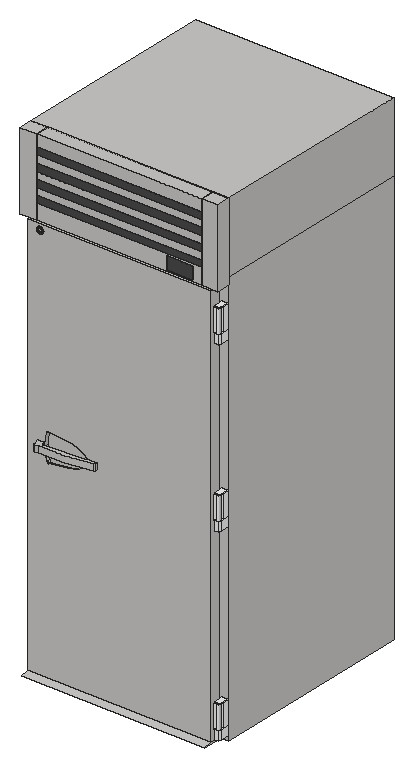
Revit family "QF_Turbo Air_PRO-26F-RI", category Specialty Equipment, Revit 2014
Parameters
  Width = 2' - 10 1/8"  # constant formula
  Weight in Pounds = 385
  Watermarked By = ""
  Volts = 115 V
  URL Cutsheet = ""
  URL = "www.turboairinc.com"
  Status [instance] = ""
  Specification by User [instance] = ""
  Specification by Manufacturer [instance] = ""
  Serial Number [instance] = ""
  Revision Code [instance] = ""
  Phase = 1
  Number of Poles [instance] = 1
  NAFEM Spec ID Number [instance] = ""
  Model = "PRO-26F-RI"
  Masterspec [instance] = ""
  Manufacturer = "Turbo Air"  # constant formula
  Description = "Freezer, Roll In"
  Assembly Code = "E1090320"
  Item Number [instance] = "-"
  Installed By [instance] = ""
  HP = "1"
  Furnished By [instance] = ""
  Foodservice Equipment Identifier = yes
  FL Amps = 8 A
  Electrical Remarks [instance] = ""
  Electric Connection Type = ""
  Elec Conn RI Height [instance] = 0' - 0"
  Elec Conn Connection Height = 6' - 4 7/8"
  Cycle = 60 Hz
  Conn Plug = "NEMA 5-15P"
  CSI MasterFormat = "11 41 13"
  Apparent Power = if(Phase = 3, Volts * FL Amps * 1.73, Volts * FL Amps)  # 920 VA
Reference planes (in)
  plane 1 "BACK": y = 0
  plane 2: z = 0
  plane 3 "LEFT": x = -16.56573
  plane 4 "RIGHT": x = 17.55927
  plane 5 "FRONT": y = -37.875
  plane 6 "Box Front": y = -35.5
  plane 7 "TOP": z = 83.875
  plane 8 "Door Bottom": z = 0.375
  plane 9 "Door Top": z = 70.125
  plane 10 "Inside Left": x = -14.56573
  plane 11 "Inside Right": x = 15.55927
  plane 12 "Inside Back": y = -2
  plane 13 "Inside Front": y = -33.5
  plane 14 "Inside Top": z = 71.75
  plane 15 "Center LR": x = 0.49677
  plane 16 "Cowl Bottom": z = 70.5
  plane 17 "Door Left Hinge": x = -15.31573
  plane 18 "Door Right Hinge": x = 16.30927
Forms (in)
  Extrusion 1, solid, material "QF_Stainless-Polished"
    sketch origin (0, 0, 0) x (1, 0, 0) y (0, 1, 0)
      loop
        line (-16.56573, -35.5) -> (-13.81573, -35.5) -> (-13.81573, -33.5) -> (-14.56573, -33.5) -> (-14.56573, -2) -> (15.55927, -2) -> (15.55927, -33.5) -> (14.80927, -33.5) -> (14.80927, -35.5) -> (17.55927, -35.5) -> (17.55927, 0) -> (-16.56573, 0) -> (-16.56573, -35.5)
    from 0 to 71.75
  Extrusion 2, solid, material "QF_Stainless-Polished"
    sketch origin (-14.56573, 0, 0) x (0, 1, 0) y (0, 0, 1)
      loop
        line (-33.5, 1) -> (-33.5, 0) -> (-2, 0) -> (-2, 1) -> (-33.5, 1)
      loop
        line (-33.5, 71.75) -> (-33.5, 70.375) -> (-2, 70.375) -> (-2, 71.75) -> (-33.5, 71.75)
    from 0 to 30.125
  Extrusion 3, solid, material "QF_Stainless-Polished"
    sketch origin (-14.56573, 0, 0) x (0, 1, 0) y (0, 0, 1)
      loop
        line (-33.5, 0) -> (-33.5, 2) -> (-35.5, 2) -> (-35.5, 0) -> (-33.5, 0)
      loop
        line (-35.5, 71.75) -> (-35.5, 68) -> (-33.5, 68) -> (-33.5, 71.75) -> (-35.5, 71.75)
    from 0.75 to 29.375
  Extrusion 4, solid, material "QF_Stainless-Polished"
    sketch origin (0, 0, 83.875) x (0, 1, 0) y (-1, 0, 0)
      loop
        line (0, 16.56573) -> (-35.5, 16.56573) -> (-35.5, -17.55927) -> (0, -17.55927) -> (0, 16.56573)
    from 0 to -12.125
  Extrusion 5, solid, material "QF_Stainless-Polished"
    sketch origin (-14.56573, 0, 0) x (0, 1, 0) y (0, 0, 1)
      loop
        line (-2, 70.375) -> (-27.25, 70.375) -> (-25, 69.125) -> (-13.25, 69.125) -> (-3.25, 66.625) -> (-2, 66.625) -> (-2, 70.375)
    from 0 to 30.125
  Extrusion 6, solid, material "QF_Stainless-Polished"
    sketch origin (0.49677, 0, 0) x (0, 1, 0) y (0, 0, 1)
      loop
        line (-3.25, 66.625) -> (-3.25, 29.875) -> (-2, 29.875) -> (-2, 66.625) -> (-3.25, 66.625)
    from 0.25 to -0.25
  Extrusion 7, solid, material "QF_Plastic-Black-Fine Textured"
    sketch origin (0, -35.5, 0) x (1, 0, 0) y (0, 0, 1)
      loop
        line (-14.31573, 68.75) -> (-14.31573, 1.75) -> (15.30927, 1.75) -> (15.30927, 68.75) -> (-14.31573, 68.75)
      loop
        line (-14.56573, 1.5) -> (15.55927, 1.5) -> (15.55927, 69) -> (-14.56573, 69) -> (-14.56573, 1.5)
    from 0 to 0.625
  Extrusion 8, solid, material "QF_Stainless-Polished"
    sketch origin (0, -35.5, 0) x (1, 0, 0) y (0, 0, 1)
      loop
        line (-16.56573, 83.875) -> (-16.56573, 70.5) -> (-13.75323, 70.5) -> (-13.75323, 83.875) -> (-16.56573, 83.875)
      loop
        line (17.55927, 83.875) -> (14.74677, 83.875) -> (14.74677, 70.5) -> (17.55927, 70.5) -> (17.55927, 83.875)
    from 0 to 2.375
  Extrusion 9, solid, material "QF_Stainless-Polished"
    sketch origin (0, -35.5, 0) x (1, 0, 0) y (0, 0, 1)
      loop
        line (-13.75323, 83.875) -> (-13.75323, 81.875) -> (14.74677, 81.875) -> (14.74677, 83.875) -> (-13.75323, 83.875)
      loop
        line (-13.75323, 70.5) -> (14.74677, 70.5) -> (14.74677, 73.25) -> (-13.75323, 73.25) -> (-13.75323, 70.5)
      loop
        arc (13.24677, 72.75) -> (13.19186, 72.88258) -> (13.05927, 72.9375) r 0.1875
        line (13.05927, 72.9375) -> (8.93427, 72.9375)
        arc (8.93427, 72.9375) -> (8.80169, 72.88258) -> (8.74677, 72.75) r 0.1875
        line (8.74677, 72.75) -> (8.74677, 70.9375)
        arc (8.74677, 70.9375) -> (8.80169, 70.80492) -> (8.93427, 70.75) r 0.1875
        line (8.93427, 70.75) -> (13.05927, 70.75)
        arc (13.05927, 70.75) -> (13.19186, 70.80492) -> (13.24677, 70.9375) r 0.1875
        line (13.24677, 70.9375) -> (13.24677, 72.75)
    from 0 to 2.375
  Extrusion 10, solid, material "QF_Stainless-Polished"
    sketch origin (0, -35.5, 0) x (1, 0, 0) y (0, 0, 1)
      loop
        line (-13.75323, 80.5625) -> (-13.75323, 79.4375) -> (14.74677, 79.4375) -> (14.74677, 80.5625) -> (-13.75323, 80.5625)
      loop
        line (14.74677, 78.0625) -> (-13.75323, 78.0625) -> (-13.75323, 76.9375) -> (14.74677, 76.9375) -> (14.74677, 78.0625)
      loop
        line (14.74677, 75.5625) -> (-13.75323, 75.5625) -> (-13.75323, 74.4375) -> (14.74677, 74.4375) -> (14.74677, 75.5625)
    from 0 to 2.375
  Extrusion 11, solid, material "QF_Plastic-Black-Fine Textured"
    sketch origin (0, -35.5, 0) x (1, 0, 0) y (0, 0, 1)
      loop
        line (-13.75323, 81.875) -> (-13.75323, 80.5625) -> (14.74677, 80.5625) -> (14.74677, 81.875) -> (-13.75323, 81.875)
      loop
        line (-13.75323, 79.4375) -> (-13.75323, 78.0625) -> (14.74677, 78.0625) -> (14.74677, 79.4375) -> (-13.75323, 79.4375)
      loop
        line (-13.75323, 76.9375) -> (-13.75323, 75.5625) -> (14.74677, 75.5625) -> (14.74677, 76.9375) -> (-13.75323, 76.9375)
      loop
        line (-13.75323, 74.4375) -> (-13.75323, 73.25) -> (14.74677, 73.25) -> (14.74677, 74.4375) -> (-13.75323, 74.4375)
    from 0 to 2.375
  Extrusion 12, solid, material "QF_Plastic-Black-Fine Textured"
    sketch origin (0, -35.5, 0) x (1, 0, 0) y (0, 0, 1)
      loop
        arc (8.93427, 72.9375) -> (8.80169, 72.88258) -> (8.74677, 72.75) r 0.1875
        line (8.74677, 72.75) -> (8.74677, 70.9375)
        arc (8.74677, 70.9375) -> (8.80169, 70.80492) -> (8.93427, 70.75) r 0.1875
        line (8.93427, 70.75) -> (13.05927, 70.75)
        arc (13.05927, 70.75) -> (13.19186, 70.80492) -> (13.24677, 70.9375) r 0.1875
        line (13.24677, 70.9375) -> (13.24677, 72.75)
        arc (13.24677, 72.75) -> (13.19186, 72.88258) -> (13.05927, 72.9375) r 0.1875
        line (13.05927, 72.9375) -> (8.93427, 72.9375)
    from 0 to 2.375
  Extrusion 13, solid, material "QF_Clearance", detail levels coarse+medium
    sketch origin (0, 0, 0.375) x (0, 1, 0) y (-1, 0, 0)
      loop
        arc (-37.875, 16.56573) -> (-62.00502, 6.57074) -> (-72, -17.55927) r 34.125
        line (-72, -17.55927) -> (-37.875, -17.55927) -> (-37.875, 16.56573)
    from 0 to 69.75
  Extrusion 14, solid, material "QF_Stainless-Polished"
    sketch origin (-15.31573, 0, 0) x (0, 1, 0) y (0, 0, 1)
      loop
        line (-35.5, 0.625) -> (-39.04455, 0) -> (-35.5, 0) -> (-35.5, 0.625)
    from 0 to 31.625
Lines and regions (in)
  symbolic lines
    curve 1: line (-16.56573, 0, 83.875) -> (17.55927, 0, 83.875)
    curve 2: line (-16.56573, -37.875, 83.875) -> (-16.56573, 0, 83.875)
    curve 3: line (17.55927, -37.875, 83.875) -> (-16.56573, -37.875, 83.875)
    curve 4: line (17.55927, 0, 83.875) -> (17.55927, -37.875, 83.875)
    curve 7: line (-15.31573, -37.875, 0.375) -> (-15.31573, -39.04455, 0.375)
    curve 8: line (-15.31573, -39.04455, 0.375) -> (16.30927, -39.04455, 0.375)
    curve 9: line (16.30927, -39.04455, 0.375) -> (16.30927, -37.875, 0.375)
  symbolic lines, style "QF_Clearances_Door_Drawer", detail levels coarse+medium
    curve 5: line (17.55927, -72, 0.375) -> (17.55927, -37.875, 0.375)
    curve 6: arc (-16.56573, -37.875, 0.375) -> (-6.57074, -62.00502, 0.375) -> (17.55927, -72, 0.375) r 34.125
Dimensions and locks (in)
  "Width": plane 4 "RIGHT" to plane 3 "LEFT"
  locked: plane 5 "FRONT" to plane 6 "Box Front" at 2.375
  locked: plane 3 "LEFT" to plane 10 "Inside Left" at 2
  locked: plane 11 "Inside Right" to plane 4 "RIGHT" at 2
  locked: plane 12 "Inside Back" to plane 1 "BACK" at 2
  locked: plane 6 "Box Front" to plane 13 "Inside Front" at 2
  locked: plane 10 "Inside Left" to Extrusion 1 sketch curve at 0.75
  locked: Extrusion 1 sketch curve to plane 11 "Inside Right" at 0.75
  locked: plane 14 "Inside Top" to Extrusion 2 sketch curve at 1.375
  locked: Extrusion 3 sketch curve to plane 14 "Inside Top" at 3.75
  locked: plane 14 "Inside Top" to Extrusion 5 sketch curve at 1.375
  locked: Extrusion 5 sketch curve to Extrusion 5 sketch curve at 1.25
  locked: Extrusion 5 sketch curve to Extrusion 5 sketch curve at 11.75
  locked: Extrusion 5 sketch curve to plane 12 "Inside Back" at 25.25
  locked: Extrusion 5 sketch curve to plane 12 "Inside Back" at 1.25
  locked: Extrusion 5 sketch curve to plane 12 "Inside Back" at 11.25
  locked: Extrusion 5 sketch curve to Extrusion 5 sketch curve at 3.75
  equal spacing: plane 3 "LEFT", plane 15 "Center LR", plane 4 "RIGHT"
  locked: plane 14 "Inside Top" to Extrusion 6 sketch curve at 5.125
  locked: Extrusion 6 sketch curve to Extrusion 6 sketch curve at 36.75
  locked: Extrusion 6 sketch curve to plane 12 "Inside Back" at 1.25
  locked: Extrusion 7 sketch curve to Extrusion 7 sketch curve at 0.25  (x4)
  locked: Extrusion 7 sketch curve to plane 3 "LEFT" at 2
  locked: Extrusion 7 sketch curve to plane 4 "RIGHT" at 2
  locked: plane 9 "Door Top" to Extrusion 7 sketch curve at 1.125
  locked: Extrusion 7 sketch curve to plane 8 "Door Bottom" at 1.125
  locked: plane 16 "Cowl Bottom" to plane 9 "Door Top" at 0.375
  locked: plane 3 "LEFT" to Extrusion 8 sketch curve at 2.8125
  locked: Extrusion 8 sketch curve to plane 4 "RIGHT" at 2.8125
  locked: Extrusion 9 sketch curve to plane 3 "LEFT" at 2.8125  (x2)
  locked: plane 7 "TOP" to Extrusion 9 sketch curve at 2
  locked: Extrusion 9 sketch curve to plane 4 "RIGHT" at 2.8125  (x2)
  locked: Extrusion 9 sketch curve to plane 16 "Cowl Bottom" at 2.75
  locked: Extrusion 9 sketch curve to Extrusion 9 sketch curve at 4.5
  locked: Extrusion 9 sketch curve to plane 4 "RIGHT" at 4.3125
  locked: Extrusion 9 sketch curve to Extrusion 9 sketch curve at 2.1875
  locked: Extrusion 9 sketch curve to Extrusion 9 sketch curve at 0.3125
  locked: Extrusion 10 sketch curve to plane 3 "LEFT" at 2.8125  (x3)
  locked: Extrusion 10 sketch curve to plane 4 "RIGHT" at 2.8125  (x3)
  locked: plane 7 "TOP" to Extrusion 10 sketch curve at 3.3125
  locked: Extrusion 10 sketch curve to Extrusion 10 sketch curve at 1.125  (x3)
  locked: Extrusion 10 sketch curve to Extrusion 10 sketch curve at 1.375  (x2)
  locked: plane 3 "LEFT" to plane 17 "Door Left Hinge" at 1.25
  locked: plane 18 "Door Right Hinge" to plane 4 "RIGHT" at 1.25
  locked: plane 6 "Box Front" to plane 1 "BACK" at 35.5
  plane 8 "Door Bottom" to level = 0' - 0 3/8"
  locked: plane 7 "TOP" to level at 83.875
  locked: plane 14 "Inside Top" to plane 16 "Cowl Bottom" at 1.25
  plane 9 "Door Top" to plane 8 "Door Bottom" = 5' - 9 3/4"
  plane 7 "TOP" to plane 16 "Cowl Bottom" = 1' - 1 3/8"
  aligned and locked: level to plane 2
  aligned and locked: Extrusion 1 sketch curve to plane 3 "LEFT"
  aligned and locked: plane 10 "Inside Left" to Extrusion 1 sketch curve
  aligned and locked: Extrusion 1 sketch curve to plane 11 "Inside Right"
  aligned and locked: plane 4 "RIGHT" to Extrusion 1 sketch curve
  aligned and locked: plane 12 "Inside Back" to Extrusion 1 sketch curve
  aligned and locked: Extrusion 1 sketch curve to plane 1 "BACK"
  aligned and locked: Extrusion 1 sketch curve to plane 13 "Inside Front"  (x2)
  aligned and locked: plane 6 "Box Front" to Extrusion 1 sketch curve  (x2)
  aligned and locked: plane 14 "Inside Top" to Extrusion 1
  aligned and locked: plane 13 "Inside Front" to Extrusion 2 sketch curve
  aligned and locked: plane 12 "Inside Back" to Extrusion 2 sketch curve  (x2)
  aligned and locked: plane 11 "Inside Right" to Extrusion 2
  aligned and locked: plane 6 "Box Front" to Extrusion 3 sketch curve  (x2)
  aligned and locked: Extrusion 3 sketch curve to plane 13 "Inside Front"  (x2)
  aligned and locked: Extrusion 3 to Extrusion 1  (x2)
  aligned and locked: Extrusion 2 sketch curve to plane 14 "Inside Top"
  aligned and locked: Extrusion 2 sketch curve to plane 13 "Inside Front"
  aligned and locked: plane 14 "Inside Top" to Extrusion 3 sketch curve
  aligned and locked: plane 1 "BACK" to Extrusion 4 sketch curve
  aligned and locked: plane 3 "LEFT" to Extrusion 4 sketch curve
  aligned and locked: Extrusion 4 sketch curve to plane 6 "Box Front"
  aligned and locked: Extrusion 4 sketch curve to plane 4 "RIGHT"
  aligned and locked: Extrusion 4 to plane 14 "Inside Top"
  aligned and locked: plane 12 "Inside Back" to Extrusion 5 sketch curve
  aligned and locked: plane 11 "Inside Right" to Extrusion 5
  aligned and locked: Extrusion 6 sketch curve to plane 12 "Inside Back"
  aligned and locked: plane 5 "FRONT" to Extrusion 8
  aligned and locked: plane 3 "LEFT" to curve 2
  aligned and locked: curve 3 to plane 5 "FRONT"
  aligned and locked: curve 4 to plane 4 "RIGHT"
  aligned and locked: plane 1 "BACK" to curve 1
  aligned and locked: plane 16 "Cowl Bottom" to Extrusion 8 sketch curve
  aligned and locked: plane 3 "LEFT" to Extrusion 8 sketch curve
  aligned and locked: Extrusion 8 sketch curve to plane 7 "TOP"
  aligned and locked: plane 7 "TOP" to Extrusion 8 sketch curve
  aligned and locked: plane 4 "RIGHT" to Extrusion 8 sketch curve
  aligned and locked: Extrusion 8 sketch curve to plane 16 "Cowl Bottom"
  aligned and locked: Extrusion 9 sketch curve to plane 7 "TOP"
  aligned and locked: plane 16 "Cowl Bottom" to Extrusion 9 sketch curve
  aligned and locked: plane 5 "FRONT" to Extrusion 9
  aligned and locked: plane 5 "FRONT" to Extrusion 10
  aligned and locked: Extrusion 11 sketch curve to Extrusion 9  (x4)
  aligned and locked: Extrusion 11 sketch curve to Extrusion 10  (x12)
  aligned and locked: plane 5 "FRONT" to Extrusion 11
  aligned and locked: Extrusion 12 sketch curve to Extrusion 9  (x4)
  aligned and locked: plane 5 "FRONT" to Extrusion 12
  aligned and locked: plane 6 "Box Front" to nested 1
  aligned and locked: nested 1 to plane 8 "Door Bottom"
  aligned and locked: plane 9 "Door Top" to Extrusion 13
  aligned and locked: plane 4 "RIGHT" to nested 1
  aligned and locked: plane 18 "Door Right Hinge" to Extrusion 14
  aligned and locked: nested 1 to plane 6 "Box Front"
Automatic sketch dimensions
  Extrusion 9 sketch curve to Extrusion 9 sketch curve = 0' - 0 3/16"  (x3)
  Extrusion 9 sketch curve to Extrusion 9 sketch curve = 0' - 1 11/16"
  plane 8 "Door Bottom" to Extrusion 2 sketch curve = 0' - 0 5/8"
  Extrusion 2 sketch curve to plane 8 "Door Bottom" = 0' - 0 3/8"
  Extrusion 3 sketch curve to level = 0' - 0"
  plane 8 "Door Bottom" to Extrusion 3 sketch curve = 0' - 1 5/8"
  Extrusion 14 sketch curve to level = 0' - 0"
  Extrusion 14 sketch curve to plane 6 "Box Front" = 0' - 0"
  plane 5 "FRONT" to Extrusion 14 sketch curve = 0' - 1.16955"
  plane 8 "Door Bottom" to Extrusion 14 sketch curve = 0' - 0 1/4"
  Extrusion 13 sketch curve to plane 4 "RIGHT" = 0' - 0"
  plane 5 "FRONT" to Extrusion 13 sketch curve = 0' - 0"
  Extrusion 13 sketch curve to plane 3 "LEFT" = 0' - 0"
  curve 6 to plane 4 "RIGHT" = 0' - 0"
  curve 7 to plane 17 "Door Left Hinge" = 0' - 0"
  curve 9 to plane 18 "Door Right Hinge" = 0' - 0"
  plane 5 "FRONT" to curve 6 = 0' - 0"
  plane 5 "FRONT" to curve 5 = 0' - 0"
  plane 5 "FRONT" to curve 7 = 0' - 0"
  plane 5 "FRONT" to curve 9 = 0' - 0"
  curve 6 to plane 3 "LEFT" = 0' - 0"
  plane 5 "FRONT" to curve 7 = 0' - 1.16955"
Nested families (in)
  nested 1: "QF_Turbo Air_RI-Solid Door" at (1.25, -36.125, 0.375), type "QF_Turbo Air_RI-Solid Door"
    with Width 2' - 7 5/8", Symbolic Lines Handle yes, Symbolic Lines no, Height 5' - 9 3/4", Handle From Top 2' - 10", Center Hinge yes
Connectors (in)
  electrical at (0.49677, 0, 77.8125)
    settings: on Extrusion 4, index 1, voltage 0 V, apparent load 0 VA, apparent load phase1 0 VA, apparent load phase2 0 VA, apparent load phase3 0 VA, power factor 1, load classification "Other", number of poles 1, system type 31, power factor state 1, is connector primary yes, connector utility no, sub classification motor no, connector description ""
Definition of nested family "QF_Turbo Air_RI-Solid Door"
  Parameters (values of type "QF_Turbo Air_RI-Solid Door")
    Width [instance] = 2' - 2 1/4"
    Watermarked By = ""
    Symbolic Lines Handle [instance] = yes
    Symbolic Lines [instance] = yes
    Height [instance] = 5' - 3 1/4"
    Handle From Top [instance] = 2' - 1 7/8"
    Center Hinge [instance] = yes
  Reference planes (in)
    plane 1 "Door Back": y = 0
    plane 2: z = 0
    plane 3 "LEFT": x = -16.56573
    plane 4 "Door Front": y = -1.75
    plane 5 "Handle Front": y = -3.0625
    plane 6 "Door Right": x = 9.68427
    plane 7 "TOP": z = 63.25
    plane 8 "Handle Elevation": z = 37.375
    plane 9 "Hinge Right": x = 10.93427
    plane 10 "Top Hinge Top": z = 60.75
    plane 11 "Top Hinge Bottom": z = 55
    plane 12: z = 56.625
    plane 13 "Center TB": z = 31.625
    plane 14 "Center Hinge Top": z = 35.0625
    plane 15 "Center Hinge Bottom": z = 29.3125
    plane 16: z = 30.9375
    plane 17 "Bottom Hinge Top": z = 6
    plane 18 "Bottom Hinge Bottom": z = 0.25
    plane 19: z = 1.875
    plane 20 "Hinges Front": y = -1.1875
    plane 21 "Hinges Back": y = 0.625
  Forms (in)
    Extrusion 1, solid, material "QF_Stainless-Polished"
      sketch origin (0, 0, 0) x (1, 0, 0) y (0, 0, 1)
        loop
          line (-16.56573, 63.25) -> (-16.56573, 0) -> (9.68427, 0) -> (9.68427, 63.25) -> (-16.56573, 63.25)
        loop
          arc (-13.15519, 39.61272) -> (-13.41636, 38.50742) -> (-13.50323, 37.375) r 7.3125
          arc (-13.50323, 37.375) -> (-13.41636, 36.24258) -> (-13.15519, 35.13728) r 7.3125
          arc (-13.15519, 35.13728) -> (-13.01711, 34.94724) -> (-12.79306, 34.87662) r 0.375
          arc (-12.79306, 34.87662) -> (-11.04564, 34.98179) -> (-9.31573, 35.25) r 18.6875
          arc (-9.31573, 35.25) -> (-7.55515, 35.84984) -> (-6.00323, 36.875) r 7.30243
          arc (-6.00323, 36.875) -> (-5.85876, 37.375) -> (-6.00323, 37.875) r 0.9375
          arc (-6.00323, 37.875) -> (-7.55515, 38.90016) -> (-9.31573, 39.5) r 7.30243
          arc (-9.31573, 39.5) -> (-11.04564, 39.76821) -> (-12.79306, 39.87338) r 18.6875
          arc (-12.79306, 39.87338) -> (-13.01711, 39.80276) -> (-13.15519, 39.61272) r 0.375
      from 0 to 1.75
    Extrusion 2, solid, material "QF_Stainless-Polished"
      sketch origin (0, 0, 0) x (1, 0, 0) y (0, 0, 1)
        loop
          arc (-13.15519, 39.61272) -> (-13.41636, 38.50742) -> (-13.50323, 37.375) r 7.3125
          arc (-13.50323, 37.375) -> (-13.41636, 36.24258) -> (-13.15519, 35.13728) r 7.3125
          arc (-13.15519, 35.13728) -> (-13.01711, 34.94724) -> (-12.79306, 34.87662) r 0.375
          arc (-12.79306, 34.87662) -> (-11.04564, 34.98179) -> (-9.31573, 35.25) r 18.6875
          arc (-9.31573, 35.25) -> (-7.55515, 35.84984) -> (-6.00323, 36.875) r 7.30243
          arc (-6.00323, 36.875) -> (-5.85876, 37.375) -> (-6.00323, 37.875) r 0.9375
          arc (-6.00323, 37.875) -> (-7.55515, 38.90016) -> (-9.31573, 39.5) r 7.30243
          arc (-9.31573, 39.5) -> (-11.04564, 39.76821) -> (-12.79306, 39.87338) r 18.6875
          arc (-12.79306, 39.87338) -> (-13.01711, 39.80276) -> (-13.15519, 39.61272) r 0.375
      from 0 to 1.25
    Extrusion 3, solid, material "QF_Stainless-Polished"
      sketch origin (0, 0, 37.375) x (0, 1, 0) y (-1, 0, 0)
        loop
          line (-1.75, 14.806) -> (-2.93294, 14.42164)
          arc (-2.93294, 14.42164) -> (-3.02669, 14.35352) -> (-3.0625, 14.24331) r 0.1875
          line (-3.0625, 14.24331) -> (-3.0625, 13.62954)
          arc (-3.0625, 13.62954) -> (-2.88483, 9.14446) -> (-2.21868, 4.70557) r 41.0625
          arc (-2.21868, 4.70557) -> (-2.15347, 4.59812) -> (-2.03505, 4.55599) r 0.1875
          line (-2.03505, 4.55599) -> (-1.75, 4.55599) -> (-1.75, 5.93099) -> (-1.83987, 5.93099)
          arc (-1.83987, 5.93099) -> (-1.96178, 5.97604) -> (-2.02512, 6.08952) r 0.1875
          arc (-2.02512, 6.08952) -> (-2.42253, 9.66014) -> (-2.50243, 13.25191) r 40.5625
          arc (-2.50243, 13.25191) -> (-2.47714, 13.3419) -> (-2.41155, 13.4085) r 0.1875
          line (-2.41155, 13.4085) -> (-1.75, 13.806) -> (-1.75, 14.806)
      from -0.5625 to 0.5625
    Extrusion 4, solid, material "QF_Steel-Chrome Plated"
      sketch origin (0, 0, 0.25) x (0, 1, 0) y (-1, 0, 0)
        loop
          line (0.625, -10.81225) -> (0.625, -9.7438) -> (-0.75, -9.80927) -> (-1.1875, -9.9342) -> (-1.1875, -10.62185) -> (-0.75, -10.74677) -> (0.625, -10.81225)
      from 0 to 1.625
    Extrusion 5, solid, material "QF_Steel-Chrome Plated"
      sketch origin (0, 0, 6) x (0, 1, 0) y (-1, 0, 0)
        loop
          line (-0.5625, -9.68427) -> (-1.1875, -9.68427) -> (-1.1875, -10.27802)
          arc (-1.1875, -10.27802) -> (-0.875, -10.59052) -> (-0.5625, -10.27802) r 0.3125
          line (-0.5625, -10.27802) -> (-0.5625, -9.68427)
      from -0.125 to -4.125
    Extrusion 6, solid, material "QF_Steel-Chrome Plated"
      sketch origin (0, 0, 6) x (0, 1, 0) y (-1, 0, 0)
        loop
          line (0.625, -9.7438) -> (-0.25, -9.78547) -> (-0.25, -10.77058) -> (0.625, -10.81225) -> (0.625, -9.7438)
      from -0.125 to -4.125
    Extrusion 7, solid, material "QF_Steel-Chrome Plated"
      sketch origin (0, 0, 6) x (0, 1, 0) y (-1, 0, 0)
        loop
          line (0.625, -10.81225) -> (0.625, -9.7438) -> (-0.75, -9.80927) -> (-1.1875, -9.9342) -> (-1.1875, -10.62185) -> (-0.75, -10.74677) -> (0.625, -10.81225)
      from 0 to -0.125
    Extrusion 8, solid, material "QF_Steel-Chrome Plated", visible <- "Center Hinge"
      sketch origin (0, 0, 29.3125) x (0, 1, 0) y (-1, 0, 0)
        loop
          line (0.625, -10.81225) -> (0.625, -9.7438) -> (-0.75, -9.80927) -> (-1.1875, -9.9342) -> (-1.1875, -10.62185) -> (-0.75, -10.74677) -> (0.625, -10.81225)
      from 0 to 1.625
    Extrusion 9, solid, material "QF_Steel-Chrome Plated", visible <- "Center Hinge"
      sketch origin (0, 0, 35.0625) x (0, 1, 0) y (-1, 0, 0)
        loop
          line (-0.5625, -9.68427) -> (-1.1875, -9.68427) -> (-1.1875, -10.27802)
          arc (-1.1875, -10.27802) -> (-0.875, -10.59052) -> (-0.5625, -10.27802) r 0.3125
          line (-0.5625, -10.27802) -> (-0.5625, -9.68427)
      from -0.125 to -4.125
    Extrusion 10, solid, material "QF_Steel-Chrome Plated", visible <- "Center Hinge"
      sketch origin (0, 0, 35.0625) x (0, 1, 0) y (-1, 0, 0)
        loop
          line (0.625, -9.7438) -> (-0.25, -9.78547) -> (-0.25, -10.77058) -> (0.625, -10.81225) -> (0.625, -9.7438)
      from -0.125 to -4.125
    Extrusion 11, solid, material "QF_Steel-Chrome Plated", visible <- "Center Hinge"
      sketch origin (0, 0, 35.0625) x (0, 1, 0) y (-1, 0, 0)
        loop
          line (0.625, -10.81225) -> (0.625, -9.7438) -> (-0.75, -9.80927) -> (-1.1875, -9.9342) -> (-1.1875, -10.62185) -> (-0.75, -10.74677) -> (0.625, -10.81225)
      from 0 to -0.125
    Extrusion 12, solid, material "QF_Steel-Chrome Plated"
      sketch origin (0, 0, 55) x (0, 1, 0) y (-1, 0, 0)
        loop
          line (0.625, -10.81225) -> (0.625, -9.7438) -> (-0.75, -9.80927) -> (-1.1875, -9.9342) -> (-1.1875, -10.62185) -> (-0.75, -10.74677) -> (0.625, -10.81225)
      from 0 to 1.625
    Extrusion 13, solid, material "QF_Steel-Chrome Plated"
      sketch origin (0, 0, 60.75) x (0, 1, 0) y (-1, 0, 0)
        loop
          line (-0.5625, -9.68427) -> (-1.1875, -9.68427) -> (-1.1875, -10.27802)
          arc (-1.1875, -10.27802) -> (-0.875, -10.59052) -> (-0.5625, -10.27802) r 0.3125
          line (-0.5625, -10.27802) -> (-0.5625, -9.68427)
      from -0.125 to -4.125
    Extrusion 14, solid, material "QF_Steel-Chrome Plated"
      sketch origin (0, 0, 60.75) x (0, 1, 0) y (-1, 0, 0)
        loop
          line (0.625, -9.7438) -> (-0.25, -9.78547) -> (-0.25, -10.77058) -> (0.625, -10.81225) -> (0.625, -9.7438)
      from -0.125 to -4.125
    Extrusion 15, solid, material "QF_Steel-Chrome Plated"
      sketch origin (0, 0, 60.75) x (0, 1, 0) y (-1, 0, 0)
        loop
          line (0.625, -10.81225) -> (0.625, -9.7438) -> (-0.75, -9.80927) -> (-1.1875, -9.9342) -> (-1.1875, -10.62185) -> (-0.75, -10.74677) -> (0.625, -10.81225)
      from 0 to -0.125
    Extrusion 16, void
      sketch origin (0, 0, 0) x (1, 0, 0) y (0, 0, 1)
        loop
          circle (-14.37823, 62.3125) r 0.5625
        loop
          circle (-14.37823, 62.3125) r 0.3125
      from 0 to 1.75
    Extrusion 17, solid, material "QF_Plastic-Black-Fine Textured"
      sketch origin (0, 0, 0) x (1, 0, 0) y (0, 0, 1)
        loop
          circle (-14.37823, 62.3125) r 0.5625
        loop
          circle (-14.37823, 62.3125) r 0.3125
      from 0 to 1.75
  Cuts and joins
    Extrusion 16 cuts Extrusion 1
  Lines and regions (in)
    symbolic lines, visible <- "Symbolic Lines"
      curve 1: line (-16.56573, 0, 6) -> (9.68427, 0, 6)
      curve 2: line (-16.56573, -1.75, 6) -> (-16.56573, 0, 6)
      curve 3: line (9.68427, -1.75, 6) -> (-16.56573, -1.75, 6)
      curve 4: line (9.68427, 0, 6) -> (9.68427, -1.75, 6)
      curve 5: line (10.81225, 0.625, 6) -> (9.7438, 0.625, 6)
      curve 6: line (10.74677, -0.75, 6) -> (10.81225, 0.625, 6)
      curve 7: line (10.62185, -1.1875, 6) -> (10.74677, -0.75, 6)
      curve 8: line (9.9342, -1.1875, 6) -> (10.62185, -1.1875, 6)
      curve 9: line (9.80927, -0.75, 6) -> (9.9342, -1.1875, 6)
      curve 10: line (9.7438, 0.625, 6) -> (9.80927, -0.75, 6)
    symbolic lines, visible <- "Symbolic Lines Handle"
      curve 11: line (-14.806, -1.75, 6) -> (-14.42164, -2.93294, 6)
      curve 12: arc (-14.42164, -2.93294, 6) -> (-14.35352, -3.02669, 6) -> (-14.24331, -3.0625, 6) r 0.1875
      curve 13: line (-14.24331, -3.0625, 6) -> (-13.62954, -3.0625, 6)
      curve 14: line (-4.55599, -2.03505, 6) -> (-4.55599, -1.75, 6)
      curve 15: arc (-4.70557, -2.21868, 6) -> (-4.59812, -2.15347, 6) -> (-4.55599, -2.03505, 6) r 0.1875
      curve 16: arc (-13.62954, -3.0625, 6) -> (-9.14446, -2.88483, 6) -> (-4.70557, -2.21868, 6) r 41.0625
      curve 17: line (-13.4085, -2.41155, 6) -> (-13.806, -1.75, 6)
      curve 18: arc (-13.25191, -2.50243, 6) -> (-13.3419, -2.47714, 6) -> (-13.4085, -2.41155, 6) r 0.1875
      curve 19: arc (-6.08952, -2.02512, 6) -> (-9.66014, -2.42253, 6) -> (-13.25191, -2.50243, 6) r 40.5625
      curve 20: arc (-5.93099, -1.83987, 6) -> (-5.97604, -1.96178, 6) -> (-6.08952, -2.02512, 6) r 0.1875
      curve 21: line (-5.93099, -1.75, 6) -> (-5.93099, -1.83987, 6)
  Dimensions and locks (in)
    locked: plane 5 "Handle Front" to plane 4 "Door Front" at 1.3125
    "Width": plane 6 "Door Right" to plane 3 "LEFT"
    "Height": plane 7 "TOP" to plane 2
    "Handle From Top": plane 7 "TOP" to plane 8 "Handle Elevation"
    locked: plane 6 "Door Right" to plane 9 "Hinge Right" at 1.25
    locked: plane 7 "TOP" to plane 10 "Top Hinge Top" at 2.5
    locked: plane 10 "Top Hinge Top" to plane 11 "Top Hinge Bottom" at 5.75
    locked: plane 12 to plane 11 "Top Hinge Bottom" at 1.625
    equal spacing: plane 7 "TOP", plane 13 "Center TB", level
    locked: plane 14 "Center Hinge Top" to plane 15 "Center Hinge Bottom" at 5.75
    locked: plane 16 to plane 15 "Center Hinge Bottom" at 1.625
    locked: plane 14 "Center Hinge Top" to plane 13 "Center TB" at 3.4375
    locked: plane 17 "Bottom Hinge Top" to plane 18 "Bottom Hinge Bottom" at 5.75
    locked: plane 19 to plane 18 "Bottom Hinge Bottom" at 1.625
    locked: plane 17 "Bottom Hinge Top" to level at 6
    locked: Extrusion 1 sketch curve to plane 8 "Handle Elevation" at 2.12341
    locked: plane 8 "Handle Elevation" to Extrusion 1 sketch curve at 2.12341
    locked: Extrusion 1 sketch curve to plane 8 "Handle Elevation" at 16.18748
    locked: plane 8 "Handle Elevation" to Extrusion 1 sketch curve at 16.18748
    locked: plane 8 "Handle Elevation" to Extrusion 1 sketch curve at 5.03089
    locked: Extrusion 1 sketch curve to plane 8 "Handle Elevation" at 5.03089
    locked: Extrusion 1 sketch curve to plane 8 "Handle Elevation" at 0
    locked: Extrusion 1 sketch curve to plane 8 "Handle Elevation" at 0.00859
    locked: plane 8 "Handle Elevation" to Extrusion 1 sketch curve at 0.00859
    locked: Extrusion 4 sketch curve to Extrusion 4 sketch curve at 1.06845
    locked: Extrusion 4 sketch curve to plane 9 "Hinge Right" at 0.12202
    locked: Extrusion 4 sketch curve to Extrusion 4 sketch curve at 0.9375
    locked: Extrusion 4 sketch curve to plane 9 "Hinge Right" at 0.1875
    locked: Extrusion 4 sketch curve to Extrusion 4 sketch curve at 0.68764
    locked: Extrusion 4 sketch curve to plane 9 "Hinge Right" at 0.31243
    locked: plane 20 "Hinges Front" to Extrusion 5 sketch curve at 0.625
    locked: plane 6 "Door Right" to Extrusion 5 sketch curve at 0.59375
    locked: Extrusion 6 sketch curve to Extrusion 6 sketch curve at 1.06845
    locked: Extrusion 6 sketch curve to plane 9 "Hinge Right" at 0.12202
    locked: Extrusion 6 sketch curve to Extrusion 6 sketch curve at 0.98512
    locked: Extrusion 6 sketch curve to plane 9 "Hinge Right" at 0.16369
    locked: Extrusion 7 sketch curve to Extrusion 7 sketch curve at 1.06845
    locked: Extrusion 7 sketch curve to Extrusion 7 sketch curve at 0.9375
    locked: Extrusion 7 sketch curve to Extrusion 7 sketch curve at 0.68764
    locked: Extrusion 7 sketch curve to plane 9 "Hinge Right" at 0.12202
    locked: Extrusion 7 sketch curve to plane 9 "Hinge Right" at 0.1875
    locked: Extrusion 7 sketch curve to plane 9 "Hinge Right" at 0.31243
    locked: Extrusion 8 sketch curve to Extrusion 8 sketch curve at 1.06845
    locked: Extrusion 8 sketch curve to Extrusion 8 sketch curve at 0.9375
    locked: Extrusion 8 sketch curve to Extrusion 8 sketch curve at 0.68764
    locked: Extrusion 10 sketch curve to Extrusion 10 sketch curve at 1.06845
    locked: Extrusion 10 sketch curve to Extrusion 10 sketch curve at 0.98512
    locked: Extrusion 11 sketch curve to Extrusion 11 sketch curve at 1.06845
    locked: Extrusion 11 sketch curve to Extrusion 11 sketch curve at 0.9375
    locked: Extrusion 11 sketch curve to Extrusion 11 sketch curve at 0.68764
    locked: Extrusion 12 sketch curve to Extrusion 12 sketch curve at 1.06845
    locked: Extrusion 12 sketch curve to Extrusion 12 sketch curve at 0.9375
    locked: Extrusion 12 sketch curve to Extrusion 12 sketch curve at 0.68764
    locked: Extrusion 14 sketch curve to Extrusion 14 sketch curve at 1.06845
    locked: Extrusion 14 sketch curve to Extrusion 14 sketch curve at 0.98512
    locked: Extrusion 15 sketch curve to Extrusion 15 sketch curve at 1.06845
    locked: Extrusion 15 sketch curve to Extrusion 15 sketch curve at 0.9375
    locked: Extrusion 15 sketch curve to Extrusion 15 sketch curve at 0.68764
    locked: Extrusion 8 sketch curve to plane 9 "Hinge Right" at 0.12202
    locked: Extrusion 8 sketch curve to plane 9 "Hinge Right" at 0.1875
    locked: Extrusion 8 sketch curve to plane 9 "Hinge Right" at 0.31243
    locked: Extrusion 10 sketch curve to plane 9 "Hinge Right" at 0.12202
    locked: Extrusion 10 sketch curve to plane 9 "Hinge Right" at 0.16369
    locked: Extrusion 11 sketch curve to plane 9 "Hinge Right" at 0.12202
    locked: Extrusion 11 sketch curve to plane 9 "Hinge Right" at 0.1875
    locked: Extrusion 11 sketch curve to plane 9 "Hinge Right" at 0.31243
    locked: plane 6 "Door Right" to Extrusion 9 sketch curve at 0.59375
    locked: plane 20 "Hinges Front" to Extrusion 9 sketch curve at 0.625
    locked: Extrusion 12 sketch curve to plane 9 "Hinge Right" at 0.12202
    locked: Extrusion 12 sketch curve to plane 9 "Hinge Right" at 0.1875
    locked: Extrusion 12 sketch curve to plane 9 "Hinge Right" at 0.31243
    locked: Extrusion 14 sketch curve to plane 9 "Hinge Right" at 0.12202
    locked: Extrusion 14 sketch curve to plane 9 "Hinge Right" at 0.16369
    locked: Extrusion 15 sketch curve to plane 9 "Hinge Right" at 0.12202
    locked: Extrusion 15 sketch curve to plane 9 "Hinge Right" at 0.1875
    locked: Extrusion 15 sketch curve to plane 9 "Hinge Right" at 0.31243
    locked: plane 20 "Hinges Front" to Extrusion 13 sketch curve at 0.625
    locked: plane 6 "Door Right" to Extrusion 13 sketch curve at 0.59375
    locked: plane 7 "TOP" to Extrusion 16 sketch curve at 0.9375  (x2)
    locked: Extrusion 16 sketch curve to plane 3 "LEFT" at 2.1875  (x2)
    aligned and locked: level to plane 2
    aligned and locked: Extrusion 1 sketch curve to plane 7 "TOP"
    aligned and locked: plane 3 "LEFT" to Extrusion 1 sketch curve
    aligned and locked: level to Extrusion 1 sketch curve
    aligned and locked: Extrusion 1 sketch curve to plane 6 "Door Right"
    aligned and locked: plane 4 "Door Front" to Extrusion 1
    aligned and locked: plane 8 "Handle Elevation" to Extrusion 1 sketch curve
    aligned and locked: Extrusion 2 sketch curve to Extrusion 1  (x9)
    aligned and locked: plane 20 "Hinges Front" to Extrusion 4 sketch curve
    aligned and locked: plane 19 to Extrusion 4
    aligned and locked: Extrusion 5 to plane 19
    aligned and locked: Extrusion 5 sketch curve to plane 6 "Door Right"
    aligned and locked: plane 20 "Hinges Front" to Extrusion 5 sketch curve
    aligned and locked: Extrusion 6 to plane 19
    aligned and locked: plane 16 to Extrusion 8
    aligned and locked: Extrusion 10 to plane 16
    aligned and locked: Extrusion 9 to plane 16
    aligned and locked: Extrusion 9 sketch curve to plane 6 "Door Right"
    aligned and locked: plane 20 "Hinges Front" to Extrusion 9 sketch curve
    aligned and locked: plane 20 "Hinges Front" to Extrusion 11 sketch curve
    aligned and locked: plane 20 "Hinges Front" to Extrusion 8 sketch curve
    aligned and locked: plane 12 to Extrusion 12
    aligned and locked: Extrusion 14 to plane 12
    aligned and locked: Extrusion 13 to plane 12
    aligned and locked: plane 20 "Hinges Front" to Extrusion 12 sketch curve
    aligned and locked: plane 20 "Hinges Front" to Extrusion 15 sketch curve
    aligned and locked: Extrusion 13 sketch curve to plane 6 "Door Right"
    aligned and locked: plane 20 "Hinges Front" to Extrusion 13 sketch curve
    aligned and locked: plane 4 "Door Front" to cut or joined group of Extrusion 1, Extrusion 16
    aligned and locked: Extrusion 17 sketch curve to cut or joined group of Extrusion 1, Extrusion 16  (x4)
    aligned and locked: plane 4 "Door Front" to Extrusion 17
    aligned and locked: plane 1 "Door Back" to curve 1
    aligned and locked: plane 3 "LEFT" to curve 2
    aligned and locked: curve 3 to plane 4 "Door Front"
    aligned and locked: curve 4 to plane 6 "Door Right"
    aligned and locked: curve 6 to Extrusion 15
    aligned and locked: curve 7 to Extrusion 15
    aligned and locked: curve 8 to Extrusion 15
    aligned and locked: curve 9 to Extrusion 15
    aligned and locked: curve 10 to Extrusion 15
    aligned and locked: curve 11 to Extrusion 3
    aligned and locked: curve 12 to Extrusion 3
    aligned and locked: curve 15 to Extrusion 3
    aligned and locked: curve 16 to Extrusion 3
    aligned and locked: curve 17 to Extrusion 3
    aligned and locked: curve 18 to Extrusion 3
    aligned and locked: curve 19 to Extrusion 3
    aligned and locked: curve 20 to Extrusion 3
    aligned and locked: curve 21 to Extrusion 3
    aligned and locked: Extrusion 4 sketch curve to plane 21 "Hinges Back"
    aligned and locked: plane 21 "Hinges Back" to Extrusion 6 sketch curve
    aligned and locked: Extrusion 7 sketch curve to plane 21 "Hinges Back"
    aligned and locked: Extrusion 8 sketch curve to plane 21 "Hinges Back"
    aligned and locked: plane 21 "Hinges Back" to Extrusion 10 sketch curve
    aligned and locked: Extrusion 11 sketch curve to plane 21 "Hinges Back"
    aligned and locked: Extrusion 12 sketch curve to plane 21 "Hinges Back"
    aligned and locked: plane 21 "Hinges Back" to Extrusion 14 sketch curve
    aligned and locked: Extrusion 15 sketch curve to plane 21 "Hinges Back"
  Automatic sketch dimensions
    plane 3 "LEFT" to Extrusion 1 sketch curve = 0' - 3.525"  (x2)
    plane 3 "LEFT" to Extrusion 1 sketch curve = 0' - 3.76769"  (x2)
    Extrusion 1 sketch curve to Extrusion 1 sketch curve = 0' - 2.02671"  (x2)
    Extrusion 1 sketch curve to Extrusion 1 sketch curve = 0' - 6.00177"
    Extrusion 1 sketch curve to Extrusion 1 sketch curve = 0' - 0.60553"
    Extrusion 1 sketch curve to Extrusion 1 sketch curve = 0' - 0"  (x7)
    Extrusion 1 sketch curve to Extrusion 1 sketch curve = 0' - 0.70519"
    plane 8 "Handle Elevation" to Extrusion 1 sketch curve = 0' - 0 1/2"
    plane 5 "Handle Front" to Extrusion 3 sketch curve = 0' - 0"
    plane 4 "Door Front" to Extrusion 3 sketch curve = 0' - 0"  (x2)
    Extrusion 3 sketch curve to plane 5 "Handle Front" = 0' - 0.12956"
    Extrusion 3 sketch curve to Extrusion 3 sketch curve = 0' - 0.05794"
    Extrusion 3 sketch curve to plane 5 "Handle Front" = 0' - 0.65095"
    Extrusion 3 sketch curve to Extrusion 3 sketch curve = 0' - 0.09657"
    plane 4 "Door Front" to Extrusion 3 sketch curve = 0' - 0.28505"
    plane 4 "Door Front" to Extrusion 3 sketch curve = 0' - 0.08987"
    plane 3 "LEFT" to Extrusion 3 sketch curve = 0' - 3.55577"
    Extrusion 3 sketch curve to Extrusion 3 sketch curve = 0' - 0.05487"
    Extrusion 3 sketch curve to Extrusion 3 sketch curve = 0' - 0.65261"
    plane 3 "LEFT" to Extrusion 3 sketch curve = 0' - 10.44723"
    Extrusion 3 sketch curve to Extrusion 3 sketch curve = 0' - 0 3/16"  (x2)
    Extrusion 3 sketch curve to Extrusion 3 sketch curve = 0' - 1 3/16"
    plane 3 "LEFT" to Extrusion 3 sketch curve = 0' - 3.31795"
    Extrusion 3 sketch curve to Extrusion 3 sketch curve = 0' - 0.16072"
    Extrusion 3 sketch curve to Extrusion 3 sketch curve = 0' - 0.37763"
    Extrusion 3 sketch curve to Extrusion 3 sketch curve = 0' - 0.3975"
    Extrusion 3 sketch curve to Extrusion 3 sketch curve = 0' - 0.61377"
    Extrusion 3 sketch curve to Extrusion 3 sketch curve = 0' - 1"
    Extrusion 3 sketch curve to Extrusion 3 sketch curve = 0' - 0"
    Extrusion 4 sketch curve to plane 20 "Hinges Front" = 0' - 0 7/16"  (x2)
    plane 1 "Door Back" to Extrusion 6 sketch curve = 0' - 0 1/4"
    plane 20 "Hinges Front" to Extrusion 7 sketch curve = 0' - 0"
    Extrusion 7 sketch curve to plane 20 "Hinges Front" = 0' - 0 7/16"  (x2)
    Extrusion 8 sketch curve to plane 20 "Hinges Front" = 0' - 0 7/16"  (x2)
    Extrusion 11 sketch curve to plane 20 "Hinges Front" = 0' - 0 7/16"  (x2)
    Extrusion 12 sketch curve to plane 20 "Hinges Front" = 0' - 0 7/16"  (x2)
    Extrusion 15 sketch curve to plane 20 "Hinges Front" = 0' - 0 7/16"  (x2)
    curve 12 to curve 12 = 0' - 0.05794"
    curve 18 to curve 17 = 0' - 0.09088"
    Extrusion 3 sketch curve to plane 21 "Hinges Back" = 3' - 1.37033"
    plane 1 "Door Back" to Extrusion 10 sketch curve = 0' - 0 1/4"
    plane 1 "Door Back" to Extrusion 14 sketch curve = 0' - 0 1/4"
    plane 21 "Hinges Back" to curve 5 = 0' - 0"
    radius of Extrusion 16 sketch curve = 0' - 0 9/16"
    radius of Extrusion 16 sketch curve = 0' - 0 5/16"
